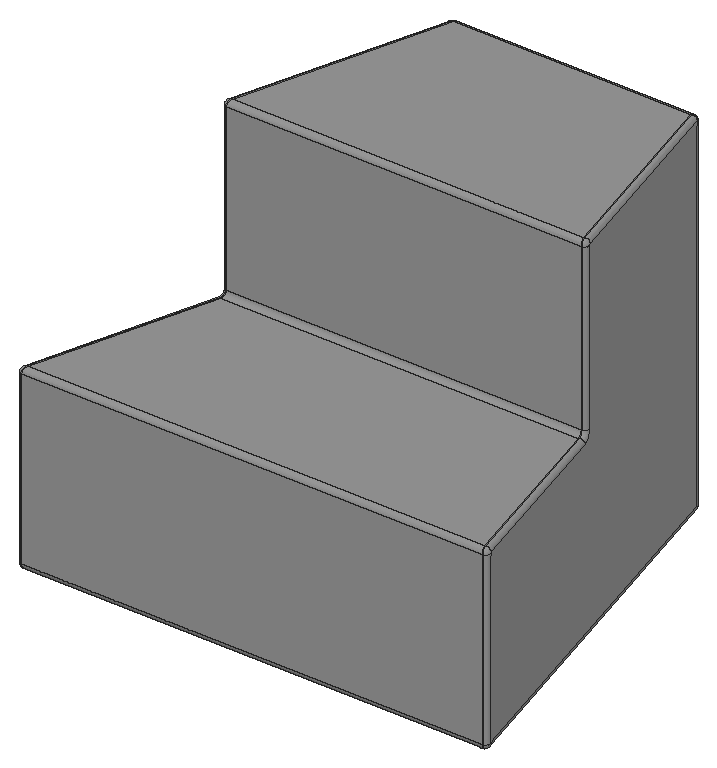
Revit family "TS1003 Elevate Tier Two Step Outside Wedge", category Generic Models, Revit 2018
Family settings
  Can host rebar = No
  Round Connector Dimension = Use Diameter
  Part Type = Normal
  Work Plane-Based = No
  Always vertical = Yes
  Cut with Voids When Loaded = No
  Shared = No
  Room Calculation Point = No
Parameters
  Fabric = TS1003 Elevate Two Tier Outside Wedge Fabric
Reference planes (in)
  plane 1 "Center (Front/Back)": y = 0
  plane 2: z = 0
  plane 3 "Center (Left/Right)": x = 0
Forms (in)
  Extrusion 1, solid, material "TS1003 Elevate Two Tier Outside Wedge Fabric" <- "Fabric"
    sketch origin (0, 0, 0) x (0, 1, 0) y (0, 0, 1)
      loop
        arc (-0.49975, 18.09) -> (-0.6462, 17.73645) -> (-0.99975, 17.59) r 0.5
        line (-0.99975, 17.59) -> (-18.48008, 17.59)
        arc (-18.48008, 17.59) -> (-18.84747, 17.43782) -> (-18.99965, 17.07044) r 0.51956
        line (-18.99965, 17.07044) -> (-18.99965, 0.51994)
        arc (-18.99965, 0.51994) -> (-18.84736, 0.15229) -> (-18.47971, 0) r 0.51994
        line (-18.47971, 0) -> (19.97981, 0)
        arc (19.97981, 0) -> (20.34782, 0.15243) -> (20.50025, 0.52044) r 0.52044
        line (20.50025, 0.52044) -> (20.50025, 34.06864)
        arc (20.50025, 34.06864) -> (20.34755, 34.4373) -> (19.97889, 34.59) r 0.52136
        line (19.97889, 34.59) -> (0.01984, 34.59)
        arc (0.01984, 34.59) -> (-0.34756, 34.43781) -> (-0.49975, 34.07041) r 0.51959
        line (-0.49975, 34.07041) -> (-0.49975, 18.09)
    from -22.72232 to 22.72232
  Extrusion 2, void
    sketch origin (0, 0, 0) x (1, 0, 0) y (0, 1, 0)
      loop
        line (-22.72232, -19.86707) -> (-11.49101, 20.50025) -> (-22.72232, 20.50025) -> (-22.72232, -19.86707)
    from 0 to 39.78548
  Sweep 3, solid, material "TS1003 Elevate Two Tier Outside Wedge Fabric" <- "Fabric"
    path origin (-0.35535, -4.07441, 0) x (-0.268046, 0.963406, 0) y (0, 0, -1)
      loop
        line (20, -34.06864) -> (20, -0.52044)
        arc (20, -0.52044) -> (19.99401, -0.50599) -> (19.97956, -0.5) r 0.02044
        line (19.97956, -0.5) -> (-19.98006, -0.5)
        arc (-19.98006, -0.5) -> (-19.99416, -0.50584) -> (-20, -0.51994) r 0.01994
        line (-20, -0.51994) -> (-20, -17.07044)
        arc (-20, -17.07044) -> (-19.99427, -17.08427) -> (-19.98044, -17.09) r 0.01956
        line (-19.98044, -17.09) -> (-1.7965, -17.09)
        arc (-1.7965, -17.09) -> (-1.08939, -17.38289) -> (-0.7965, -18.09) r 1
        line (-0.7965, -18.09) -> (-0.7965, -34.07041)
        arc (-0.7965, -34.07041) -> (-0.79076, -34.08426) -> (-0.7769, -34.09) r 0.01959
        line (-0.7769, -34.09) -> (19.97864, -34.09)
        arc (19.97864, -34.09) -> (19.99374, -34.08374) -> (20, -34.06864) r 0.02136
    profile origin (-5.71628, 15.19371, 17.29454) x (-0.963406, -0.268046, 0) y (0.268046, -0.963406, 0)
      loop
        line (-18, 0) -> (-18.5, 0)
        arc (-18.5, 0) -> (-18.35355, -0.35355) -> (-18, -0.5) r 0.5
        line (-18, -0.5) -> (-18, 0)
  Extrusion 4, solid, material "TS1003 Elevate Two Tier Outside Wedge Fabric" <- "Fabric"
    sketch origin (-0.36064, -4.05544, 0) x (-0.268046, 0.963406, 0) y (0, 0, 1)
      loop
        line (19.95895, 34.09) -> (-0.79659, 34.09)
        arc (-0.79659, 34.09) -> (-0.81044, 34.08426) -> (-0.81618, 34.07041) r 0.01959
        line (-0.81618, 34.07041) -> (-0.81618, 18.09)
        arc (-0.81618, 18.09) -> (-1.10908, 17.38289) -> (-1.81618, 17.09) r 1
        line (-1.81618, 17.09) -> (-19.99975, 17.09)
        arc (-19.99975, 17.09) -> (-20.01358, 17.08427) -> (-20.01931, 17.07044) r 0.01956
        line (-20.01931, 17.07044) -> (-20.01931, 0.51994)
        arc (-20.01931, 0.51994) -> (-20.01347, 0.50584) -> (-19.99938, 0.5) r 0.01994
        line (-19.99938, 0.5) -> (19.95987, 0.5)
        arc (19.95987, 0.5) -> (19.97433, 0.50599) -> (19.98031, 0.52044) r 0.02044
        line (19.98031, 0.52044) -> (19.98031, 34.06864)
        arc (19.98031, 34.06864) -> (19.97406, 34.08374) -> (19.95895, 34.09) r 0.02136
    from 18.00001 to 18.5
  Extrusion 5, void
    sketch origin (0, 0, 0) x (-1, 0, 0) y (0, -1, 0)
      loop
        line (-22.72232, 19.86707) -> (-22.72232, -20.50025) -> (-11.49101, -20.50025) -> (-22.72232, 19.86707)
    from 0 to 39.78548
  Sweep 6, solid, material "TS1003 Elevate Two Tier Outside Wedge Fabric" <- "Fabric"
    path origin (0.35535, -4.07441, 0) x (0.268046, 0.963406, 0) y (0, 0, 1)
      loop
        arc (20, 34.06864) -> (19.99374, 34.08374) -> (19.97864, 34.09) r 0.02136
        line (19.97864, 34.09) -> (-0.7769, 34.09)
        arc (-0.7769, 34.09) -> (-0.79076, 34.08426) -> (-0.7965, 34.07041) r 0.01959
        line (-0.7965, 34.07041) -> (-0.7965, 18.09)
        arc (-0.7965, 18.09) -> (-1.08939, 17.38289) -> (-1.7965, 17.09) r 1
        line (-1.7965, 17.09) -> (-19.98044, 17.09)
        arc (-19.98044, 17.09) -> (-19.99427, 17.08427) -> (-20, 17.07044) r 0.01956
        line (-20, 17.07044) -> (-20, 0.51994)
        arc (-20, 0.51994) -> (-19.99416, 0.50584) -> (-19.98006, 0.5) r 0.01994
        line (-19.98006, 0.5) -> (19.97956, 0.5)
        arc (19.97956, 0.5) -> (19.99401, 0.50599) -> (20, 0.52044) r 0.02044
        line (20, 0.52044) -> (20, 34.06864)
    profile origin (5.71628, 15.19371, 17.29454) x (0.963406, -0.268046, 0) y (0.268046, 0.963406, 0)
      loop
        line (-18, 0) -> (-18, 0.5)
        arc (-18, 0.5) -> (-18.35355, 0.35355) -> (-18.5, 0) r 0.5
        line (-18.5, 0) -> (-18, 0)
  Extrusion 7, solid, material "TS1003 Elevate Two Tier Outside Wedge Fabric" <- "Fabric"
    sketch origin (0.36064, -4.05544, 0) x (0.268046, 0.963406, 0) y (0, 0, -1)
      loop
        arc (19.95895, -34.09) -> (19.97406, -34.08374) -> (19.98031, -34.06864) r 0.02136
        line (19.98031, -34.06864) -> (19.98031, -0.52044)
        arc (19.98031, -0.52044) -> (19.97433, -0.50599) -> (19.95987, -0.5) r 0.02044
        line (19.95987, -0.5) -> (-19.99938, -0.5)
        arc (-19.99938, -0.5) -> (-20.01347, -0.50584) -> (-20.01931, -0.51994) r 0.01994
        line (-20.01931, -0.51994) -> (-20.01931, -17.07044)
        arc (-20.01931, -17.07044) -> (-20.01358, -17.08427) -> (-19.99975, -17.09) r 0.01956
        line (-19.99975, -17.09) -> (-1.81618, -17.09)
        arc (-1.81618, -17.09) -> (-1.10908, -17.38289) -> (-0.81618, -18.09) r 1
        line (-0.81618, -18.09) -> (-0.81618, -34.07041)
        arc (-0.81618, -34.07041) -> (-0.81044, -34.08426) -> (-0.79659, -34.09) r 0.01959
        line (-0.79659, -34.09) -> (19.95895, -34.09)
    from 18.00001 to 18.5
Cuts and joins
  Extrusion 2, Extrusion 5 cuts Extrusion 1
Dimensions and locks (in)
  aligned and locked: plane 2 to level
